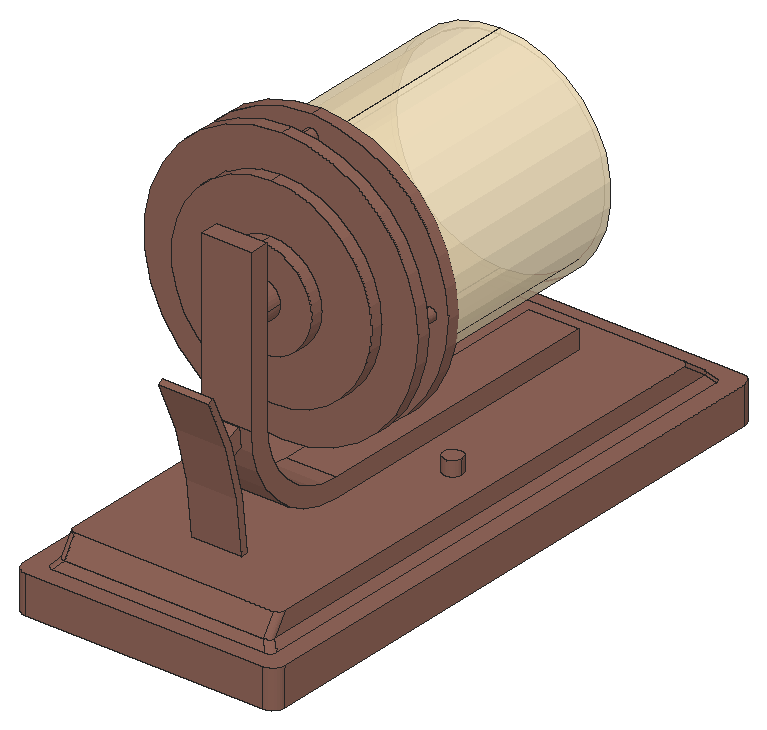
Revit family "Electrical_Lights_Single-Sconce-1", category Lighting Fixtures, host Face, Revit 2026
Family settings
  Host = Face
  Round Connector Dimension = Use Diameter
  Part Type = Normal
  Classification Number = 23.80.70.11
  Cut with Voids When Loaded = No
  Light Source = No
  Maintain Annotation Orientation = No
  Shared = No
  Room Calculation Point = No
Parameters
  Warranty Duration (Years) = 0
  Test Data = ""
  Specification = ""
  SpecWizard = ""
  Send Message = ""
  Sales Information = ""
  Profession Model [instance] = Sconce-1-ARCH : Sconce-1-ARCH
  Product Properties = ""
  Product Data = ""
  OmniClass Number = ""
  MasterFormat04 Keynote = ""
  Manufacturer's Notes = ""
  Manufacturer Website = ""
  Manufacturer Phone - Toll Free = ""
  Manufacturer Phone = ""
  Manufacturer Fax = ""
  Manufacturer Email = ""
  Manufacturer Address = ""
  Maintenance Schedule (Months) = 0
  Installation-Fabrication = ""
  Installation Phase = ""
  Green Building-LEED = ""
  Frame Finish = ARCAT - Metal - Oil Rubbed Bronze
  Fabric Color = ARCAT - Glass - Etched
  Expected Lifespan (Years) = 0
  Drawn By = ""
  Default Elevation = 4' - 0"
  Copyright = ""
  Construction Details = ""
  Company_ID = 0
  Building Codes = ""
Reference planes (in)
  plane 1 "Center (Front/Back)": y = 0
  plane 2: z = 0
  plane 3 "Center (Left/Right)": x = 0
Dimensions and locks (in)
  aligned and locked: plane 2 to host face
  aligned and locked: level to host face
Nested families (in)
  nested 1: "Sconce-1-ARCH" at (0, 0, 0), Frame Material <- "Frame Finish", Fabric Color <- "Fabric Color", type <- "Profession Model", type "Sconce-1-ARCH"
    with Frame Material ARCAT - Metal - Oil Rubbed Bronze, Fabric Color ARCAT - Glass - Etched
Connectors (in)
  electrical at (0, 0, 0)
    settings: on host face, index 1, voltage 0 V, apparent load 0 VA, apparent load phase1 0 VA, apparent load phase2 0 VA, apparent load phase3 0 VA, power factor 1, load classification "Other", number of poles 1, system type 31, power factor state 1, is connector primary yes, connector utility no, sub classification motor no, connector description ""
Definition of nested family "Sconce-1-ARCH"
  Parameters
    Wattage = 9.2903 W
    built-in parameter 1150110 = 1 (stored number, unit not read)
    built-in parameter 1114217 = 1 (stored number, unit not read)
    built-in parameter 1150109 = 1 (stored number, unit not read)
    built-in parameter 1150134 = 3
    built-in parameter 1150113 = 1 (stored number, unit not read)
    built-in parameter 1150105 = 109.82 (stored number, unit not read)
    Lumens = 1380 lm
    built-in parameter 1150115 = 1 (stored number, unit not read)
    Light Source Symbol Size = 0' - 2"
    built-in parameter 1150137 = (empty or 0)
    built-in parameter 1150139 = (empty or 0)
    built-in parameter 1150112 = 1 (stored number, unit not read)
    built-in parameter 1150114 = 1 (stored number, unit not read)
    built-in parameter 1150132 = (empty or 0)
    built-in parameter 1150102 = (empty or 0)
    built-in parameter 1150107 = 3200 (stored number, unit not read)
    built-in parameter 1150138 = (empty or 0)
    built-in parameter 1150106 = 1.0982 (stored number, unit not read)
    Frame Material [instance] = none
    Fabric Color [instance] = none
    built-in parameter 1150104 = 13.8 (stored number, unit not read)
    Dimming Lamp Color Temperature Shift = (empty or 0)
    Default Elevation = 4' - 0"
    Color Filter = 16777215
    built-in parameter 1114218 = 1 (stored number, unit not read)
    built-in parameter 1150133 = 10 (stored number, unit not read)
    Assembly Code = ""
  Reference planes (in)
    plane 1 "Center (Front/Back)": y = 0
    plane 2: z = 0
    plane 3 "Center (Left/Right)": x = 0
    plane 4: z = 8
  Forms (in)
    Extrusion 1, solid, material <- "Frame Material"
      sketch origin (0, 51.6875, 5.25) x (0, 0, -1) y (1, 0, 0)
        loop
          circle (0, 0) r 2.75
      from 54 to 54.25
    Extrusion 2, solid, material <- "Frame Material"
      sketch origin (0, 51.6875, 5.25) x (0, 0, -1) y (1, 0, 0)
        loop
          circle (0, 0) r 2
      from 54.25 to 54.5
    Extrusion 3, solid, material <- "Frame Material"
      sketch origin (0, 51.6875, 5.25) x (0, 0, -1) y (1, 0, 0)
        loop
          circle (0, 0) r 1
      from 54.5 to 54.75
    Extrusion 4, solid, material <- "Frame Material"
      sketch origin (0, 51.4375, 5.25) x (0, 0, -1) y (1, 0, 0)
        loop
          circle (0, 0) r 2.75
      from 53 to 53.25
    Extrusion 5, solid, material <- "Frame Material"
      sketch origin (0, 51.6875, 5.25) x (0, 0, -1) y (1, 0, 0)
        loop
          circle (0, 2.375) r 0.125
        loop
          circle (0, -2.375) r 0.125
        loop
          circle (2.375, 0) r 0.125
        loop
          circle (-2.375, 0) r 0.125
      from 53.5 to 54
    Revolve 6, solid, material <- "Fabric Color"
      sketch origin (0, -36.0625, 5.25) x (0, 1, 0) y (0, 0, -1)
        loop
          line (33.75, 2.21875) -> (33.75, 2.09375) -> (39, 2.09375) -> (39, 2.21875) -> (33.75, 2.21875)
        axis (33.75, 0) -> (39, 0)
      angle from 0 to 360
    Extrusion 7, solid, material <- "Frame Material"
      sketch origin (0, 37.4375, 5.25) x (1, 0, 0) y (0, 0, 1)
        loop
          circle (0, 0) r 0.375
      from 40.5 to 41
    Extrusion 8, solid, material <- "Frame Material"
      sketch origin (0, 0, 0) x (1, 0, 0) y (0, 1, 0)
        loop
          line (-2.625, 5.75) -> (-2.625, -5.75)
          arc (-2.625, -5.75) -> (-2.55178, -5.92678) -> (-2.375, -6) r 0.25
          line (-2.375, -6) -> (2.375, -6)
          arc (2.375, -6) -> (2.55178, -5.92678) -> (2.625, -5.75) r 0.25
          line (2.625, -5.75) -> (2.625, 5.75)
          arc (2.625, 5.75) -> (2.55178, 5.92678) -> (2.375, 6) r 0.25
          line (2.375, 6) -> (-2.375, 6)
          arc (-2.375, 6) -> (-2.55178, 5.92678) -> (-2.625, 5.75) r 0.25
      from 0 to 0.75
    Blend 9, solid, material <- "Frame Material"
      base sketch origin (0, 0, 0) x (1, 0, 0) y (0, 1, 0)
        loop
          line (2.125, 5.625) -> (-2.125, 5.625)
          arc (-2.125, 5.625) -> (-2.21339, 5.58839) -> (-2.25, 5.5) r 0.125
          line (-2.25, 5.5) -> (-2.25, -5.5)
          arc (-2.25, -5.5) -> (-2.21339, -5.58839) -> (-2.125, -5.625) r 0.125
          line (-2.125, -5.625) -> (2.125, -5.625)
          arc (2.125, -5.625) -> (2.21339, -5.58839) -> (2.25, -5.5) r 0.125
          line (2.25, -5.5) -> (2.25, 5.5)
          arc (2.25, 5.5) -> (2.21339, 5.58839) -> (2.125, 5.625) r 0.125
      top sketch origin (0, 0, 0) x (1, 0, 0) y (0, 1, 0)
        loop
          line (2, 5.5) -> (-2, 5.5)
          arc (-2, 5.5) -> (-2.08839, 5.46339) -> (-2.125, 5.375) r 0.125
          line (-2.125, 5.375) -> (-2.125, -5.375)
          arc (-2.125, -5.375) -> (-2.08839, -5.46339) -> (-2, -5.5) r 0.125
          line (-2, -5.5) -> (2, -5.5)
          arc (2, -5.5) -> (2.08839, -5.46339) -> (2.125, -5.375) r 0.125
          line (2.125, -5.375) -> (2.125, 5.375)
          arc (2.125, 5.375) -> (2.08839, 5.46339) -> (2, 5.5) r 0.125
      from 0.75 to 0.9049
    Blend 10, solid, material <- "Frame Material"
      base sketch origin (0, 0, 0) x (1, 0, 0) y (0, 1, 0)
        loop
          arc (-2, 5.5) -> (-2.08839, 5.46339) -> (-2.125, 5.375) r 0.125
          line (-2.125, 5.375) -> (-2.125, -5.375)
          arc (-2.125, -5.375) -> (-2.08839, -5.46339) -> (-2, -5.5) r 0.125
          line (-2, -5.5) -> (2, -5.5)
          arc (2, -5.5) -> (2.08839, -5.46339) -> (2.125, -5.375) r 0.125
          line (2.125, -5.375) -> (2.125, 5.375)
          arc (2.125, 5.375) -> (2.08839, 5.46339) -> (2, 5.5) r 0.125
          line (2, 5.5) -> (-2, 5.5)
      top sketch origin (0, 0, 0) x (1, 0, 0) y (0, 1, 0)
        loop
          line (2, 5) -> (-2, 5)
          arc (-2, 5) -> (-2.08839, 4.96339) -> (-2.125, 4.875) r 0.125
          line (-2.125, 4.875) -> (-2.125, -5.125)
          arc (-2.125, -5.125) -> (-2.08839, -5.21339) -> (-2, -5.25) r 0.125
          line (-2, -5.25) -> (2, -5.25)
          arc (2, -5.25) -> (2.08839, -5.21339) -> (2.125, -5.125) r 0.125
          line (2.125, -5.125) -> (2.125, 4.875)
          arc (2.125, 4.875) -> (2.08839, 4.96339) -> (2, 5) r 0.125
      from 0.9049 to 1.2817
    Extrusion 11, solid, material <- "Frame Material"
      sketch origin (0, 0, 0) x (0, 1, 0) y (0, 0, 1)
        loop
          line (4.25, 1.2817) -> (4.25, 1.6567) -> (-1.8125, 1.6567)
          arc (-1.8125, 1.6567) -> (-3.04994, 2.16926) -> (-3.5625, 3.4067) r 1.75
          line (-3.5625, 3.4067) -> (-3.5625, 6.625) -> (-3.9375, 6.625) -> (-3.9375, 3.4067)
          arc (-3.9375, 3.4067) -> (-3.3151, 1.9041) -> (-1.8125, 1.2817) r 2.125
          line (-1.8125, 1.2817) -> (4.25, 1.2817)
        loop
          arc (-4.05986, 1.27819) -> (-4.29584, 2.899) -> (-4.90112, 4.42096) r 7.0172
          line (-4.90112, 4.42096) -> (-5.01109, 4.36152)
          arc (-5.01109, 4.36152) -> (-4.41703, 2.86834) -> (-4.18491, 1.27819) r 6.8922
          line (-4.18491, 1.27819) -> (-4.05986, 1.27819)
      from -0.5 to 0.5
    Extrusion 12, solid, material <- "Frame Material"
      sketch origin (0, 0, 0) x (0, 1, 0) y (0, 0, 1)
        loop
          line (-4.45902, 3.19225) -> (-4.3175, 2.84198) -> (-3.71467, 3.08553) -> (-3.85619, 3.43581) -> (-4.45902, 3.19225)
      from -0.25 to 0.25
    Extrusion 13, solid, material <- "Frame Material"
      sketch origin (0, 0, 0) x (1, 0, 0) y (0, 1, 0)
        loop
          circle (-1.38025, 0) r 0.18457
        loop
          circle (1.38025, 0) r 0.18457
      from 1.2817 to 1.56513
  Dimensions and locks (in)
    level to Revolve 6 sketch curve to Revolve 6 sketch curve = 0' - 3 1/32", 0' - 0 1/8" locked
    plane 4 to level = 0' - 8"
